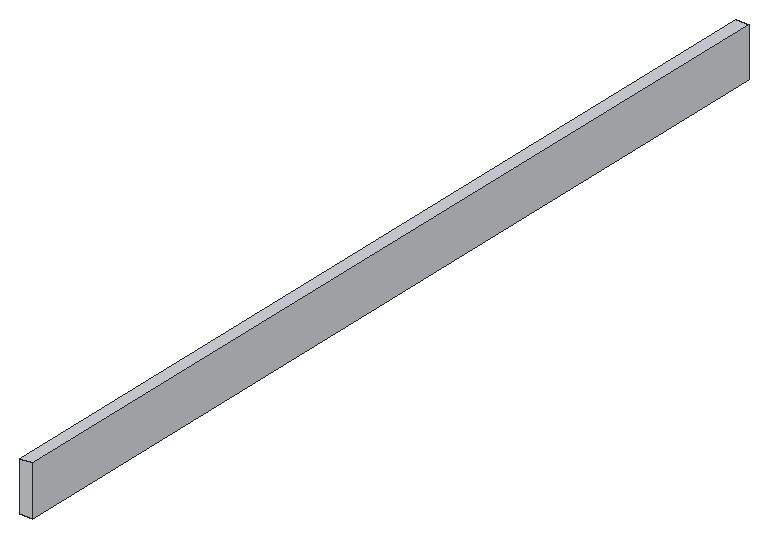
Revit family "檐枋", category 常规模型, Revit 2022
Family settings
  可将钢筋附着到主体 = 否
  圆形连接件大小 = 使用直径
  零件类型 = 标准
  基于工作平面 = 否
  总是垂直 = 是
  加载时剪切的空心 = 否
  保持注释方向 = 否
  共享 = 否
  房间计算点 = 否
Parameters
  默认高程 = 0 mm
  檐枋高 [instance] = 200 mm
  檐枋长 [instance] = 3600 mm
  檐枋宽 [instance] = 50 mm
Reference planes
  plane 1 "中心(前/后)": y = 0
  plane 2: z = 0
  plane 3 "中心(左/右)": x = 0
Forms (mm)
  Extrusion 1, solid
    sketch origin (0, 0, 0) x (1, 0, 0) y (0, 0, 1)
      loop
        line (1647.701, 1166.781) -> (1647.701, 966.781) -> (1697.701, 966.781) -> (1697.701, 1166.781) -> (1647.701, 1166.781)
    from 0 to 3600
Dimensions and locks
  "檐枋宽": Extrusion 1 sketch curve to Extrusion 1 sketch curve
  "檐枋高": Extrusion 1 sketch curve to Extrusion 1 sketch curve
  "檐枋长": Extrusion 1 to Extrusion 1
  aligned and locked: level to plane 2
Automatic sketch dimensions
  plane 3 "中心(左/右)" to Extrusion 1 sketch curve = 1647.701 mm
  level to Extrusion 1 sketch curve = 966.781 mm
